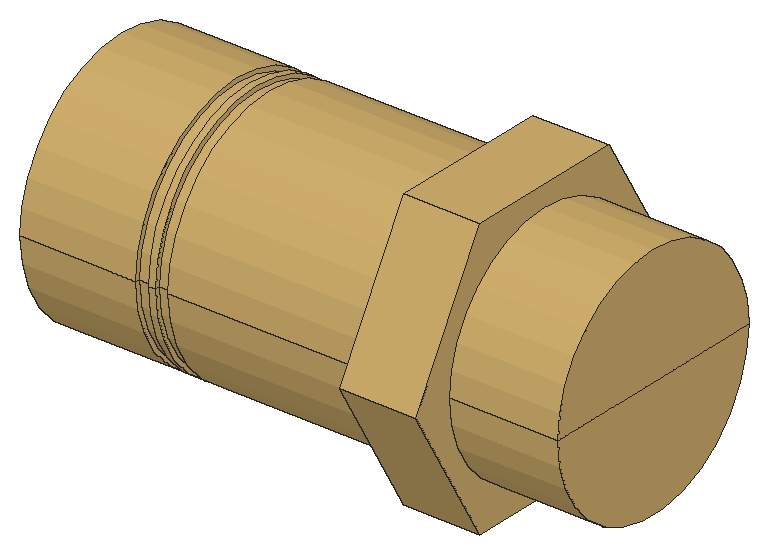
Revit family "Plumbing_Joints_Aignep_Male-Reducer-90627", category Pipe Fittings, Revit 2018
Family settings
  Round Connector Dimension = Use Diameter
  Part Type = Transition
  OmniClass Number = 23.27.43.00
  Work Plane-Based = No
  Always vertical = Yes
  Cut with Voids When Loaded = No
  Shared = No
Parameters (values of type "90627")
  ch [instance] = L - L1 - A  # 15.00 mm
  c [instance] = if(and(Nominal Diameter 01 = 25.00 mm, Nominal Diameter 02 = 25.40 mm), L, if(and(Nominal Diameter 01 = 25.40 mm, Nominal Diameter 02 = 25.00 mm), L - L1R - ch, if(and(Nominal Diameter 01 = 32.00 mm, Nominal Diameter 02 = 38.10 mm), L, if(and(Nominal Diameter 01 = 38.10 mm, Nominal Diameter 02 = 32.00 mm), L - L1R - ch, if(and(Nominal Diameter 01 = 50.00 mm, Nominal Diameter 02 = 50.80 mm), L, if(and(Nominal Diameter 01 = 50.80 mm, Nominal Diameter 02 = 50.00 mm), L - L1R - ch, if(and(Nominal Diameter 01 = 63.00 mm, Nominal Diameter 02 = 63.50 mm), L, if(and(Nominal Diameter 01 = 63.50 mm, Nominal Diameter 02 = 63.00 mm), L - L1R - ch, if(Nominal Diameter 01 > Nominal Diameter 02, L, L - L1R - ch)))))))))  # 105.00 mm
  b [instance] = if(and(Nominal Diameter 01 = 25.00 mm, Nominal Diameter 02 = 25.40 mm), L - L1R, if(and(Nominal Diameter 01 = 25.40 mm, Nominal Diameter 02 = 25.00 mm), 0.00 mm, if(and(Nominal Diameter 01 = 32.00 mm, Nominal Diameter 02 = 38.10 mm), L - L1R, if(and(Nominal Diameter 01 = 38.10 mm, Nominal Diameter 02 = 32.00 mm), 0.00 mm, if(and(Nominal Diameter 01 = 50.00 mm, Nominal Diameter 02 = 50.80 mm), L - L1R, if(and(Nominal Diameter 01 = 50.80 mm, Nominal Diameter 02 = 50.00 mm), 0.00 mm, if(and(Nominal Diameter 01 = 63.00 mm, Nominal Diameter 02 = 63.50 mm), L - L1R, if(and(Nominal Diameter 01 = 63.50 mm, Nominal Diameter 02 = 63.00 mm), 0.00 mm, if(Nominal Diameter 01 > Nominal Diameter 02, L - L1R, 0.00 mm)))))))))  # 83.50 mm
  a1 [instance] = if(and(Nominal Diameter 01 = 25.00 mm, Nominal Diameter 02 = 25.40 mm), a, if(and(Nominal Diameter 01 = 25.40 mm, Nominal Diameter 02 = 25.00 mm), L1 - a - 6.40 mm, if(and(Nominal Diameter 01 = 32.00 mm, Nominal Diameter 02 = 38.10 mm), a, if(and(Nominal Diameter 01 = 38.10 mm, Nominal Diameter 02 = 32.00 mm), L1 - a - 6.40 mm, if(and(Nominal Diameter 01 = 50.00 mm, Nominal Diameter 02 = 50.80 mm), a, if(and(Nominal Diameter 01 = 50.80 mm, Nominal Diameter 02 = 50.00 mm), L1 - a - 6.40 mm, if(and(Nominal Diameter 01 = 63.00 mm, Nominal Diameter 02 = 63.50 mm), a, if(and(Nominal Diameter 01 = 63.50 mm, Nominal Diameter 02 = 63.00 mm), L1 - a - 6.40 mm, if(Nominal Diameter 01 > Nominal Diameter 02, a, L1 - a - 6.40 mm)))))))))  # 22.833 mm
  a [instance] = L1 / 3  # 22.833 mm
  Tick Size 02 [instance] = Nominal Diameter 02 * 0.4  # 15.24 mm
  QR code = "https://www.bimobject.com/aignep/product/male-reducer-90627"
  Product url = "https://www.aignep.com/eng/Pipe-fittings-INFINITY/Air-Pipeline-INFINITY-Series/MALE-REDUCER"
  Product name = "Male Reducer - 90627"
  Product group = "Fittings"
  Product family = "INFINITY"
  Product certification = "https://www.aignep.com/eng/Certificazioni/FREE-OF-SILICON"
  Product SKU = "Male-Reducer-90627"
  Product Material [instance] = AIGNEP - Brass - Yellow
  Product Guid = "2cfe6988-3cf8-4d75-9bc8-cd05cf40dbf1"
  OmniClass Description = "Pipe Fittings"
  OmniClass Code = "23-27 43 00"
  Note [instance] = "For diameters 32 x 1 1/2'', 40 x 1 1/2'', 50 x 1 1/2'', 50 x 2'', 63 x 2'' and 63 x 2 1/2'', use Aluminium"  # constant formula
  Nominal Diameter 02 [instance] = 38.1 mm
  Nominal Diameter 01 [instance] = 50 mm
  Material secondary = "Aluminium"
  Material main = "Brass"
  Manufacturer name = "Aignep Spa"
  Manufacturer country = "Italy"
  Lr [instance] = if(and(Nominal Diameter 01 = 25.00 mm, Nominal Diameter 02 = 25.40 mm), L1R + ch, if(and(Nominal Diameter 01 = 25.40 mm, Nominal Diameter 02 = 25.00 mm), 0.00 mm, if(and(Nominal Diameter 01 = 32.00 mm, Nominal Diameter 02 = 38.10 mm), L1R + ch, if(and(Nominal Diameter 01 = 38.10 mm, Nominal Diameter 02 = 32.00 mm), 0.00 mm, if(and(Nominal Diameter 01 = 50.00 mm, Nominal Diameter 02 = 50.80 mm), L1R + ch, if(and(Nominal Diameter 01 = 50.80 mm, Nominal Diameter 02 = 50.00 mm), 0.00 mm, if(and(Nominal Diameter 01 = 63.00 mm, Nominal Diameter 02 = 63.50 mm), L1R + ch, if(and(Nominal Diameter 01 = 63.50 mm, Nominal Diameter 02 = 63.00 mm), 0.00 mm, if(Nominal Diameter 01 > Nominal Diameter 02, L1R + ch, 0.00 mm)))))))))  # 36.50 mm
  L1R [instance] = if(and(Nominal Diameter 01 = 25.00 mm, Nominal Diameter 02 = 25.40 mm), A, if(and(Nominal Diameter 01 = 25.40 mm, Nominal Diameter 02 = 25.00 mm), L - A - ch, if(and(Nominal Diameter 01 = 32.00 mm, Nominal Diameter 02 = 38.10 mm), A, if(and(Nominal Diameter 01 = 38.10 mm, Nominal Diameter 02 = 32.00 mm), L - A - ch, if(and(Nominal Diameter 01 = 50.00 mm, Nominal Diameter 02 = 50.80 mm), A, if(and(Nominal Diameter 01 = 50.80 mm, Nominal Diameter 02 = 50.00 mm), L - A - ch, if(and(Nominal Diameter 01 = 63.00 mm, Nominal Diameter 02 = 63.50 mm), A, if(and(Nominal Diameter 01 = 63.50 mm, Nominal Diameter 02 = 63.00 mm), L - A - ch, if(Nominal Diameter 01 > Nominal Diameter 02, A, L - A - ch)))))))))  # 21.50 mm
  L1L [instance] = if(and(Nominal Diameter 01 = 25.00 mm, Nominal Diameter 02 = 25.40 mm), L1 - A - ch, if(and(Nominal Diameter 01 = 25.40 mm, Nominal Diameter 02 = 25.00 mm), 0.00 mm, if(and(Nominal Diameter 01 = 32.00 mm, Nominal Diameter 02 = 38.10 mm), L1 - A - ch, if(and(Nominal Diameter 01 = 38.10 mm, Nominal Diameter 02 = 32.00 mm), L1 - A - ch, if(and(Nominal Diameter 01 = 50.00 mm, Nominal Diameter 02 = 50.80 mm), L1 - A - ch, if(and(Nominal Diameter 01 = 50.80 mm, Nominal Diameter 02 = 50.00 mm), 0.00 mm, if(and(Nominal Diameter 01 = 63.00 mm, Nominal Diameter 02 = 63.50 mm), L1 - A - ch, if(and(Nominal Diameter 01 = 63.50 mm, Nominal Diameter 02 = 63.00 mm), 0.00 mm, if(Nominal Diameter 01 > Nominal Diameter 02, L1 - A - ch, 0.00 mm)))))))))  # 32.00 mm
  L1 [instance] = if(and(Nominal Diameter 01 = 25.00 mm, Nominal Diameter 02 = 25.40 mm), 42.00 mm, if(and(Nominal Diameter 01 = 25.40 mm, Nominal Diameter 02 = 25.00 mm), 42.00 mm, if(and(Nominal Diameter 01 = 32.00 mm, Nominal Diameter 02 = 38.10 mm), 51.00 mm, if(and(Nominal Diameter 01 = 38.10 mm, Nominal Diameter 02 = 32.00 mm), 51.00 mm, if(and(Nominal Diameter 01 = 50.00 mm, Nominal Diameter 02 = 50.80 mm), 68.50 mm, if(and(Nominal Diameter 01 = 50.80 mm, Nominal Diameter 02 = 50.00 mm), 68.50 mm, if(and(Nominal Diameter 01 = 63.00 mm, Nominal Diameter 02 = 63.50 mm), 82.00 mm, if(and(Nominal Diameter 01 = 63.50 mm, Nominal Diameter 02 = 63.00 mm), 82.00 mm, if(Nominal Diameter 01 > Nominal Diameter 02, size_lookup(Lookup Table Name, "L1", 0.00 mm, Nominal Diameter 01, Nominal Diameter 02), size_lookup(Lookup Table Name, "L1", 0.00 mm, Nominal Diameter 02, Nominal Diameter 01))))))))))  # 68.50 mm
  L [instance] = if(and(Nominal Diameter 01 = 25.00 mm, Nominal Diameter 02 = 25.40 mm), 71.00 mm, if(and(Nominal Diameter 01 = 25.40 mm, Nominal Diameter 02 = 25.00 mm), 71.00 mm, if(and(Nominal Diameter 01 = 32.00 mm, Nominal Diameter 02 = 38.10 mm), 87.50 mm, if(and(Nominal Diameter 01 = 38.10 mm, Nominal Diameter 02 = 32.00 mm), 87.50 mm, if(and(Nominal Diameter 01 = 50.00 mm, Nominal Diameter 02 = 50.80 mm), 112.50 mm, if(and(Nominal Diameter 01 = 50.80 mm, Nominal Diameter 02 = 50.00 mm), 112.50 mm, if(and(Nominal Diameter 01 = 63.00 mm, Nominal Diameter 02 = 63.50 mm), 128.00 mm, if(and(Nominal Diameter 01 = 63.50 mm, Nominal Diameter 02 = 63.00 mm), 128.00 mm, if(Nominal Diameter 01 > Nominal Diameter 02, size_lookup(Lookup Table Name, "L", 0.00 mm, Nominal Diameter 01, Nominal Diameter 02), size_lookup(Lookup Table Name, "L", 0.00 mm, Nominal Diameter 02, Nominal Diameter 01))))))))))  # 105.00 mm
  IFC Classification = "Pipe Fitting"
  Design country = "Italy"
  Description = "Male Reducer"
  URL = "https://www.aignep.com/"
  Tick Size 01 [instance] = Nominal Diameter 01 * 0.4  # 20.00 mm
  Product data url = "https://www.bimobject.com/aignep/product/male-reducer-90627"
  Model = "90627"
  Manufacturer = "Aignep Spa"
  Lookup Table Name = "Male Reducer - 90627"
  Keynote = "15410"
  Edition number = 1
  F [instance] = if(and(Nominal Diameter 01 = 25.00 mm, Nominal Diameter 02 = 25.40 mm), 25.40 mm, if(and(Nominal Diameter 01 = 25.40 mm, Nominal Diameter 02 = 25.00 mm), 25.40 mm, if(and(Nominal Diameter 01 = 32.00 mm, Nominal Diameter 02 = 38.10 mm), 38.10 mm, if(and(Nominal Diameter 01 = 38.10 mm, Nominal Diameter 02 = 32.00 mm), 38.10 mm, if(and(Nominal Diameter 01 = 50.00 mm, Nominal Diameter 02 = 50.80 mm), 50.80 mm, if(and(Nominal Diameter 01 = 50.80 mm, Nominal Diameter 02 = 50.00 mm), 50.80 mm, if(and(Nominal Diameter 01 = 63.00 mm, Nominal Diameter 02 = 63.50 mm), 63.50 mm, if(and(Nominal Diameter 01 = 63.50 mm, Nominal Diameter 02 = 63.00 mm), 63.50 mm, if(Nominal Diameter 01 > Nominal Diameter 02, size_lookup(Lookup Table Name, "F", 0.00 mm, Nominal Diameter 01, Nominal Diameter 02), size_lookup(Lookup Table Name, "F", 0.00 mm, Nominal Diameter 02, Nominal Diameter 01))))))))))  # 38.10 mm
  D [instance] = if(and(Nominal Diameter 01 = 25.00 mm, Nominal Diameter 02 = 25.40 mm), 25.00 mm, if(and(Nominal Diameter 01 = 25.40 mm, Nominal Diameter 02 = 25.00 mm), 25.00 mm, if(and(Nominal Diameter 01 = 32.00 mm, Nominal Diameter 02 = 38.10 mm), 32.00 mm, if(and(Nominal Diameter 01 = 38.10 mm, Nominal Diameter 02 = 32.00 mm), 32.00 mm, if(and(Nominal Diameter 01 = 50.00 mm, Nominal Diameter 02 = 50.80 mm), 50.00 mm, if(and(Nominal Diameter 01 = 50.80 mm, Nominal Diameter 02 = 50.00 mm), 50.00 mm, if(and(Nominal Diameter 01 = 63.00 mm, Nominal Diameter 02 = 63.50 mm), 63.00 mm, if(and(Nominal Diameter 01 = 63.50 mm, Nominal Diameter 02 = 63.00 mm), 63.00 mm, if(Nominal Diameter 01 > Nominal Diameter 02, size_lookup(Lookup Table Name, "D", 0.00 mm, Nominal Diameter 01, Nominal Diameter 02), size_lookup(Lookup Table Name, "D", 0.00 mm, Nominal Diameter 02, Nominal Diameter 01))))))))))  # 50.00 mm
  CH [instance] = if(and(Nominal Diameter 01 = 25.00 mm, Nominal Diameter 02 = 25.40 mm), 34.00 mm, if(and(Nominal Diameter 01 = 25.40 mm, Nominal Diameter 02 = 25.00 mm), 34.00 mm, if(and(Nominal Diameter 01 = 32.00 mm, Nominal Diameter 02 = 38.10 mm), 50.00 mm, if(and(Nominal Diameter 01 = 38.10 mm, Nominal Diameter 02 = 32.00 mm), 50.00 mm, if(and(Nominal Diameter 01 = 50.00 mm, Nominal Diameter 02 = 50.80 mm), 65.00 mm, if(and(Nominal Diameter 01 = 50.80 mm, Nominal Diameter 02 = 50.00 mm), 65.00 mm, if(and(Nominal Diameter 01 = 63.00 mm, Nominal Diameter 02 = 63.50 mm), 75.00 mm, if(and(Nominal Diameter 01 = 63.50 mm, Nominal Diameter 02 = 63.00 mm), 75.00 mm, if(Nominal Diameter 01 > Nominal Diameter 02, size_lookup(Lookup Table Name, "CH", 0.00 mm, Nominal Diameter 01, Nominal Diameter 02), size_lookup(Lookup Table Name, "CH", 0.00 mm, Nominal Diameter 02, Nominal Diameter 01))))))))))  # 55.00 mm
  BIMobject category = "Joints"
  A2 [instance] = if(and(Nominal Diameter 01 = 25.00 mm, Nominal Diameter 02 = 25.40 mm), L1, if(and(Nominal Diameter 01 = 25.40 mm, Nominal Diameter 02 = 25.00 mm), A, if(and(Nominal Diameter 01 = 32.00 mm, Nominal Diameter 02 = 38.10 mm), L1, if(and(Nominal Diameter 01 = 38.10 mm, Nominal Diameter 02 = 32.00 mm), A, if(and(Nominal Diameter 01 = 50.00 mm, Nominal Diameter 02 = 50.80 mm), L1, if(and(Nominal Diameter 01 = 50.80 mm, Nominal Diameter 02 = 50.00 mm), A, if(and(Nominal Diameter 01 = 63.00 mm, Nominal Diameter 02 = 63.50 mm), L1, if(and(Nominal Diameter 01 = 63.50 mm, Nominal Diameter 02 = 63.00 mm), A, if(Nominal Diameter 01 > Nominal Diameter 02, L1, A)))))))))  # 68.50 mm
  A1 [instance] = if(and(Nominal Diameter 01 = 25.00 mm, Nominal Diameter 02 = 25.40 mm), A, if(and(Nominal Diameter 01 = 25.40 mm, Nominal Diameter 02 = 25.00 mm), L1, if(and(Nominal Diameter 01 = 32.00 mm, Nominal Diameter 02 = 38.10 mm), A, if(and(Nominal Diameter 01 = 38.10 mm, Nominal Diameter 02 = 32.00 mm), L1, if(and(Nominal Diameter 01 = 50.00 mm, Nominal Diameter 02 = 50.80 mm), A, if(and(Nominal Diameter 01 = 50.80 mm, Nominal Diameter 02 = 50.00 mm), L1, if(and(Nominal Diameter 01 = 63.00 mm, Nominal Diameter 02 = 63.50 mm), A, if(and(Nominal Diameter 01 = 63.50 mm, Nominal Diameter 02 = 63.00 mm), L1, if(Nominal Diameter 01 > Nominal Diameter 02, A, L1)))))))))  # 21.50 mm
  A [instance] = if(and(Nominal Diameter 01 = 25.00 mm, Nominal Diameter 02 = 25.40 mm), 19.00 mm, if(and(Nominal Diameter 01 = 25.40 mm, Nominal Diameter 02 = 25.00 mm), 19.00 mm, if(and(Nominal Diameter 01 = 32.00 mm, Nominal Diameter 02 = 38.10 mm), 21.50 mm, if(and(Nominal Diameter 01 = 38.10 mm, Nominal Diameter 02 = 32.00 mm), 21.50 mm, if(and(Nominal Diameter 01 = 50.00 mm, Nominal Diameter 02 = 50.80 mm), 24.00 mm, if(and(Nominal Diameter 01 = 50.80 mm, Nominal Diameter 02 = 50.00 mm), 24.00 mm, if(and(Nominal Diameter 01 = 63.00 mm, Nominal Diameter 02 = 63.50 mm), 24.00 mm, if(and(Nominal Diameter 01 = 63.50 mm, Nominal Diameter 02 = 63.00 mm), 24.00 mm, if(Nominal Diameter 01 > Nominal Diameter 02, size_lookup(Lookup Table Name, "A", 0.00 mm, Nominal Diameter 01, Nominal Diameter 02), size_lookup(Lookup Table Name, "A", 0.00 mm, Nominal Diameter 02, Nominal Diameter 01))))))))))  # 21.50 mm
  Assembly Code = "D2040100"
  Article Code [instance] = if(and(Nominal Diameter 01 = 25.00 mm, Nominal Diameter 02 = 25.40 mm), "90627 00 005", if(and(Nominal Diameter 01 = 25.40 mm, Nominal Diameter 02 = 25.00 mm), "90627 00 005", if(and(Nominal Diameter 01 = 32.00 mm, Nominal Diameter 02 = 38.10 mm), "90627 00 007 A", if(and(Nominal Diameter 01 = 38.10 mm, Nominal Diameter 02 = 32.00 mm), " 90627 00 007 A", if(and(Nominal Diameter 01 = 50.00 mm, Nominal Diameter 02 = 50.80 mm), "90627 00 011 A", if(and(Nominal Diameter 01 = 50.80 mm, Nominal Diameter 02 = 50.00 mm), "90627 00 011 A", if(and(Nominal Diameter 01 = 63.00 mm, Nominal Diameter 02 = 63.50 mm), "90627 00 013 A", if(and(Nominal Diameter 01 = 63.50 mm, Nominal Diameter 02 = 63.00 mm), "90627 00 013 A", if(Nominal Diameter 01 > Nominal Diameter 02, size_lookup(Lookup Table Name, "", "", Nominal Diameter 01, Nominal Diameter 02), size_lookup(Lookup Table Name, "", "", Nominal Diameter 02, Nominal Diameter 01))))))))))  # "90627 00 010 A"
Reference planes
  plane 1 "Center (Front/Back)": y = 0
  plane 2: z = 0
  plane 3 "Center (Left/Right)": x = 0
  plane 4: y = 19.05
  plane 5: y = -19.05
  plane 6: y = 25
  plane 7: y = -25
  plane 8: x = 105
  plane 9: x = 83.5
  plane 10: x = 83.5
  plane 11: x = 68.5
  plane 12: z = 27.5
  plane 13: z = -27.5
  plane 14: z = 15
  plane 15: z = -15
  plane 16: x = 68.5
Forms (mm)
  Extrusion 1, solid, material "AIGNEP - Brass - Yellow" <- "Product Material", detail levels fine
    sketch origin (-32.5, 55.314, 1200) x (0, 1, 0) y (0, 0, 1)
      loop
        line (-71.191, -1227.5) -> (-39.437, -1227.5) -> (-23.56, -1200) -> (-39.437, -1172.5) -> (-71.191, -1172.5) -> (-87.068, -1200) -> (-71.191, -1227.5)
    from 101 to 116
  Revolve 2, solid, material "AIGNEP - Brass - Yellow" <- "Product Material", detail levels fine
    sketch origin (0, 0, 0) x (1, 0, 0) y (0, 1, 0)
      loop
        line (0, 0) -> (68.5, 0) -> (68.5, 25) -> (29.233, 25) -> (29.233, 24.18) -> (26.733, 24.18) -> (26.733, 25) -> (25.333, 25) -> (25.333, 24.18) -> (22.833, 24.18) -> (22.833, 25) -> (0, 25) -> (0, 0)
      axis (68.5, 0) -> (0, 0)
    angle from 0 to 360
  Extrusion 3, solid, not visible
    sketch origin (-32.5, 55.314, 1200) x (0, 1, 0) y (0, 0, 1)
      loop
        circle (-55.314, -1200) r 5
    from 101 to 116
  Revolve 4, solid, material "AIGNEP - Brass - Yellow" <- "Product Material", detail levels fine
    sketch origin (0, 0, 0) x (1, 0, 0) y (0, 1, 0)
      loop
        line (83.5, 0) -> (105, 0) -> (105, 23.55) -> (83.5, 23.55) -> (83.5, 0)
      axis (83.5, 0) -> (105, 0)
    angle from 0 to 360
Lines and regions (mm)
  model lines, detail levels coarse+medium
    curve 1: line (68.5, 20, 0) -> (68.5, -20, 0)
    curve 2: line (83.5, 15.24, 0) -> (83.5, -15.24, 0)
    curve 3: line (68.5, 0, 0) -> (83.5, 0, 0)
Dimensions and locks
  equal spacing: plane 5, plane 1 "Center (Front/Back)", plane 4
  "F": plane 4 to plane 5
  equal spacing: plane 7, plane 1 "Center (Front/Back)", plane 6
  "D": plane 7 to plane 6
  "A1": plane 9 to plane 8
  "ch": plane 11 to plane 10
  equal spacing: plane 12, level, plane 13
  "CH": plane 12 to plane 13
  equal spacing: plane 14, level, plane 15
  plane 14 to plane 15 = 30.00 mm
  "A2": plane 3 "Center (Left/Right)" to plane 16
  equal spacing: curve 1, plane 1 "Center (Front/Back)", curve 1
  "Tick Size 01": plane 1 "Center (Front/Back)" to curve 1
  equal spacing: curve 2, plane 1 "Center (Front/Back)", curve 2
  "Tick Size 02": plane 1 "Center (Front/Back)" to curve 2
  equal spacing: Extrusion 1 sketch curve, plane 1 "Center (Front/Back)", Extrusion 1 sketch curve  (x2)
  "CH": Extrusion 1 sketch curve to Extrusion 1 sketch curve  (x2)
  "L1R": plane 10 to plane 8
  Revolve 2 sketch curve to Revolve 2 sketch curve to Revolve 2 sketch curve to Revolve 2 sketch curve = 2.50 mm locked, 1.40 mm locked, 2.50 mm locked
  Revolve 2 sketch curve to Revolve 2 sketch curve to Revolve 2 sketch curve = 0.00 mm locked, 0.82 mm locked
  "L1": Revolve 2 sketch curve to Revolve 2 sketch curve
  "Lr": Revolve 2 sketch curve to plane 8
  "L": plane 3 "Center (Left/Right)" to plane 8
  "b": plane 3 "Center (Left/Right)" to Revolve 4 sketch curve
  "c": plane 3 "Center (Left/Right)" to Revolve 4 sketch curve
  locked: Revolve 4 sketch curve to plane 4 at 4.5
  "a1": Revolve 2 sketch curve to Revolve 2 sketch curve
  locked: plane 2 to Extrusion 1 sketch curve (angle 60.00°)
  locked: Extrusion 1 sketch curve to plane 2 (angle 60.00°)
  aligned and locked: level to plane 2
  aligned and locked: Extrusion 1 sketch curve to plane 12
  aligned and locked: plane 13 to Extrusion 1 sketch curve
  aligned and locked: Extrusion 1 to plane 10
  aligned and locked: Extrusion 1 to plane 11
  aligned and locked: plane 16 to Extrusion 3
  aligned and locked: plane 9 to Extrusion 3
  aligned and locked: curve 1 to plane 16
  aligned and locked: curve 2 to plane 9
  aligned and locked: curve 3 to plane 16
  aligned and locked: plane 9 to curve 3
  aligned and locked: plane 1 "Center (Front/Back)" to curve 3
  aligned and locked: plane 6 to Revolve 2 sketch curve  (x3)
  aligned and locked: Revolve 2 sketch curve to plane 1 "Center (Front/Back)"
Automatic sketch dimensions
  Extrusion 3 sketch curve to level = 0.00 mm
  Extrusion 3 sketch curve to plane 1 "Center (Front/Back)" = 0.00 mm
  Revolve 2 sketch curve to plane 3 "Center (Left/Right)" = 0.00 mm
  plane 1 "Center (Front/Back)" to Revolve 2 sketch curve = 0.00 mm
  Revolve 2 sketch curve to Revolve 2 sketch curve = 8.847 mm
  plane 1 "Center (Front/Back)" to Revolve 4 sketch curve = 0.00 mm  (x2)
  Revolve 4 sketch curve to Revolve 4 sketch curve = 2.00 mm
  Revolve 4 sketch curve to Revolve 4 sketch curve = 0.50 mm
  radius of Extrusion 3 sketch curve = 5.00 mm
Connectors
  piping at (68.5, 0, 0), diameter 50, driven by "Nominal Diameter 01"
    settings: on Extrusion 3, index 1, connector inside diameter 609.6 mm, connector length 0.00 mm, flow factor 0, pipe flow 0.0 L/s, pressure drop 0.0 Pa, fitting loss kfactor 0, connector angle 0.00°, fixture units 0, engagement length 0.00 mm, angle of deflection 0.00°, flow configuration 0, flow direction 0, fitting loss method 0, system type 28, joint type 0, gender type 0, connector reference index 2, connector utility 0, adjustable connector no, is connector primary yes, connector description ""
  piping at (83.5, 0, 0), diameter 38.1, driven by "Nominal Diameter 02"
    settings: on Extrusion 3, index 2, connector inside diameter 609.6 mm, connector length 0.00 mm, flow factor 0, pipe flow 0.0 L/s, pressure drop 0.0 Pa, fitting loss kfactor 0, connector angle 0.00°, fixture units 0, engagement length 0.00 mm, angle of deflection 0.00°, flow configuration 0, flow direction 0, fitting loss method 0, system type 28, joint type 0, gender type 0, connector reference index 1, connector utility 0, adjustable connector no, is connector primary no, connector description ""
